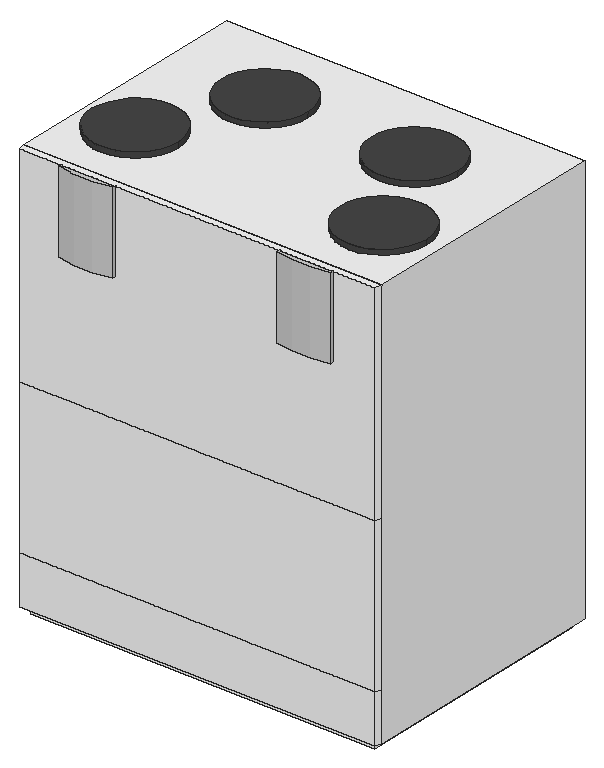
Revit family "CADS_AIRFLOWdev_MVHR_DV2451", category Mechanical Equipment, host Face, Revit 2015
Parameters (values of type "DV245 (L) Adroit")
  WorkExecutionLevel = "N/A"
  WeeklyMaintenance = "N/A"
  WarrantyStartDate [instance] = "N/A"
  WarrantyPeriodForMotors = "1"
  WarrantyPeriod = "5"
  WarrantyIdentifier = "N/A"
  WarrantyGuarantorParts = "info@airflow.com"
  WarrantyGuarantorLabor = "info@airflow.com"
  WarrantyGuarantor = "Airflow Developments Ltd"
  WarrantyEndDate [instance] = "N/A"
  WarrantyContent = "Motors are covers for 1 year from date of purchase against faulty material or workmanship. Warranty covers repair, and at Airflow's discretion, replace faulty parts and workmanship"
  VAVLinks = no
  Uniclass2015 = "Pr_65_67_29_96"
  TypeOfSummerBypass = "Automatic, 100%"
  TypeOfFrostProtection = "Stops supply fan"
  Type = "DV245 (L) Adroit"
  TagNumber [instance] = "N/A"
  TR = if(Model R, 0 mm, H - G)  # 434 mm
  TL = if(Model R, 0 mm, H - G)  # 434 mm
  Supply_Flow [instance] = 0.0 L/s
  SupplyPhase = 1
  Status = "New"
  Size = "1038 x 773 x 1226-1241"
  ShippingWeight = 200.00 kg
  Shape = "Rectangular"
  ServiceLifeType = "Expected Service Life"
  ServiceLifeDuration = "12"
  SerialNumber [instance] = "N/A"
  SAPApproval [instance] = no
  RoomExtractAirTerminalDevices = "Mechanical ventilation with heat recovery unit for residential properties"
  Return_Flow [instance] = 0.0 L/s
  ReplacementCost = "5042.856"
  RedDotDesignAward = no
  RatedVoltage = 230 V
  RatedCurrent = 14.5 A
  QuietMarkApproval = no
  QuarterlyMaintenance = "Check cleanliness of air filters, ductwork, grilles and clean if necessary. Replacing the air filters may be required"
  Quantity = 1
  ProductionYear = "2017"
  ProductLiterature = "https://www.airflow.com/Pdf/Brochures/Adroit-DV245.pdf"
  PressureCurve = "https://www.airflow.com/Pdf/Brochures/Adroit-DV245.pdf"
  PowerSource = "System-powered"
  PointOfContact = "Airflow Developments Ltd"
  Plot Main Unit Driver = ""
  PassiveHouseApproval [instance] = yes
  OperationAndMaintenanceManual = "https://www.airflow.com/Pdf/OperatingInstructions/Residential_Heat_Recovery/Instruction%20manual%20DV245%20Adroit.pdf"
  NumberOfPoles = 1
  NominalWidth = 773 mm
  NominalLength = 1038 mm
  NominalHeight = 1241 mm
  NominalFrequencyRange = "50/60"
  NBSCode = "90-45-30/420 Whole dwelling fan units"
  MotorEnclosureType = "Unknown"
  MotorDriveType = "Direct Drive"
  MonthlyMaintenance = "N/A"
  ModelReference = "90000583"
  ModelLabel = "DV245 Adroit (Left Hand Model)"
  Model R = no
  Model L = yes
  MaximumPowerOutput = 314 W
  Material = "Galvanised Steel"
  ManufacturerWebsite = "www.airflow.com"
  ManufacturerTelephone = "01494 525252"
  ManufacturerE-Mail = "info@airflow.com"
  ManufacturerAddress = "Aidelle House\nLancaster Road\nCressex Business Park\nHigh Wycombe\nBucks\nHP12 3QP"
  Manufacturer = "Airflow Developments Ltd"
  LockedRotorCurrent = "N/A"
  J = 878 mm
  IsGuarded = no
  IsExtendedWarranty = no
  InternetControllable = yes
  InsulationStandardClass = "Class II"
  InstallationDate [instance] = "N/A"
  InstallLocation = "Floor"
  ISO90001 = yes
  ISO140001 = yes
  IP_Code = "IP34"
  I = 158 mm
  HeatTransferType = "Sensible"
  HeatRecoveryEfficiency = "up to 90%"
  HeatExchangerType = "Cross-Counter-Flow"
  HasProtectiveEarth = yes
  HasPartWinding = no
  HasDefrost = yes
  H = 735 mm
  GrossWeight = 200.00 kg
  Grade = "Virgin"
  GlobalTradeItemNumber = "5019009320052"
  G = 301 mm
  FrameSize = "N/A"
  FireControlPanelLinks = no
  Finish = "Lacquer"
  Features = "High quality, Passive House aproved mvhr unit with triple filter design and internet control,. Air volume up to 929m3/h at 100Pa and heat recovery efficiency up to 90%."
  Fan = "Domestic Mechanical Ventilation with Heat Recovery"
  F = 237 mm
  ExternalExhaustAirTerminals = "90% free air grille"
  ExpectedServiceLife = 12
  Exclusions = "Unit wasn’t installed and used in accordance with the fitting and wiring instructions supplied with each unit. It hasn't been connected to a suitable electrical supply. The unit has be subjected to misuse, neglect or damage. It has been modified or repaired by a person not authorised by Airflow Developments Ltd. It hasn't been installed with in accordance with Building Regulations or IEEE wiring regulations"
  ErPProductFiche = "https://www.airflow.com/AIR1/AIR1-SHOP2/images/products/ErP/fiche/90000583-ErP-Product-Fiche.jpg"
  ErPEnergyRating = "A"
  Electric_Post_Heater = yes
  ElectricMotorEfficiency = "N/A"
  EfficiencyCurve = "N/A"
  E = 528 mm
  DurationUnit = "Years"
  Ductwork = "Semi-Rigid Ducting"
  Dia = 250 mm
  DesignOfDomesticVentilation = "This unit should provide the minimum flow rates outlined and be installed in line with Approved Document Part F of the Building Regulations."
  Description = "Top Entry mvhr unit for floor installation"
  Default Elevation = 1219.2 mm
  DailyMaintenance = "N/A"
  DV245_Connector = CADS_AirFlow_Black
  DV245_Chrome = CADS_Airflow_Chrome
  DV245_Body = CADS_AirFlow_White
  D = 754 mm
  CoverageArea = 400.00 m²
  Controls = "Internet control, built-in humidity sensor, optional CO2 sensor, optional Adroit digital or speed controller"
  Constituents = "N/A"
  ConductorFunction = "N/A"
  Color = "White"
  CodePerformance = "N/A"
  CapacityControlType = "Variable Speed Drive"
  CEApproval = yes
  CADS_Index = 0
  C = 773 mm
  BatteryType = "N/A"
  BatterySupply = no
  BR = if(Model R, 0 mm, J - I)  # 720 mm
  BMSLinks = yes
  BL = if(Model R, 0 mm, J - I)  # 720 mm
  B = 1226 mm
  AssetType = "FIXED"
  AssetIdentifier [instance] = "N/A"
  AssemblyPlace = "N/A"
  ArticleNumber = "N/A"
  AnnualMaintenance = "N/A"
  AirToBrineLinks = yes
  AirFiltersAvailable = "G4 and F7"
  AccessibilityPerformance = "N/A"
  AccessClearanceTop = 0 mm
  AccessClearanceRight = 0 mm
  AccessClearanceLeft = 0 mm
  AccessClearanceFront = 0 mm
  AccessClearanceBottom = 0 mm
  A = 1038 mm
  6MonthlyMaintenance = "N/A"
Types (5, lengths in mm): name | TypeOfFrostProtection | Type | TR | TL | ReplacementCost | Quantity | ModelReference | ModelLabel | Model R | Model L | GlobalTradeItemNumber | ErPProductFiche | Electric_Post_Heater | BR | BL
  (no name) | "Stops supply fan" | "DV245 (L) Adroit" | 434 | 434 | "5042.856" | 1 | "90000583" | "DV245 Adroit (Left Hand Model)" | no | yes | "5019009320052" | "https://www.airflow.com/AIR1/AIR1-SHOP2/images/products/ErP/fiche/90000583-ErP-Product-Fiche.jpg" | yes | 720 | 720
  DV245 (R) Adroit | "Stops supply fan" | "DV245 (R) Adroit" | 0 | 0 | "5042.856" | 0 | "90000582" | "DV245 Adroit (Right Hand Model)" | yes | no | "5019009320045" | "https://www.airflow.com/AIR1/AIR1-SHOP2/images/products/ErP/fiche/90000582-ErP-Product-Fiche.jpg" | no | 0 | 0
  DV245 (R) Adroit EPH | "Smart Frost" | "DV245 (R) Adroit EPH" | 0 | 0 | "5304.756" | 0 | "90000582EPH" | "DV245 Adroit (Right Hand Model with Electric Post Heater)" | yes | no | "5019009320045" | "https://www.airflow.com/AIR1/AIR1-SHOP2/images/products/ErP/fiche/90000582-ErP-Product-Fiche.jpg" | yes | 0 | 0
  DV245 (L) Adroit EPH | "Smart Frost" | "DV245 (L) Adroit EPH" | 434 | 434 | "5304.756" | 0 | "90000583EPH" | "DV245 Adroit (Left Hand Model with Electric Post Heater)" | no | yes | "5019009320052" | "https://www.airflow.com/AIR1/AIR1-SHOP2/images/products/ErP/fiche/90000583-ErP-Product-Fiche.jpg" | yes | 720 | 720
  DV245 (L) Adroit | "Stops supply fan" | "DV245 (L) Adroit" | 434 | 434 | "5042.856" | 1 | "90000583" | "DV245 Adroit (Left Hand Model)" | no | yes | "5019009320052" | "https://www.airflow.com/AIR1/AIR1-SHOP2/images/products/ErP/fiche/90000583-ErP-Product-Fiche.jpg" | yes | 720 | 720
Reference planes
  plane 1 "Center (Front/Back)": y = 0
  plane 2: z = 0
  plane 3 "Center (Left/Right)": x = 0
  plane 4: x = -519
  plane 5: x = 519
  plane 6: y = 377
  plane 7: y = -377
  plane 8: y = -396
  plane 9: y = 140
  plane 10: y = -151
  plane 11: x = -361
  plane 12: x = -218
  plane 13: x = 216
  plane 14: x = 359
  plane 15: z = 1226
  plane 16: z = 1211
  plane 17: z = 605.5
  plane 18: z = 160
  plane 19: y = -357
  plane 20: z = 20
  plane 21: x = 216
  plane 22: x = -218
  plane 23: x = 359
  plane 24: x = -361
Forms (mm)
  Extrusion 1, solid, material "CADS_AirFlow_White" <- "DV245_Body"
    sketch origin (0, 0, 0) x (1, 0, 0) y (0, 1, 0)
      loop
        line (-519, 377) -> (-519, -357) -> (519, -357) -> (519, 377) -> (-519, 377)
    from 20 to 1211
  Extrusion 2, solid, material "CADS_AirFlow_White" <- "DV245_Body"
    sketch origin (0, 0, 0) x (1, 0, 0) y (0, 1, 0)
      loop
        line (-519, -357) -> (-513.641, -377) -> (513.641, -377) -> (519, -357) -> (-519, -357)
    from 605.5 to 1211
  Extrusion 3, solid, material "CADS_AirFlow_White" <- "DV245_Body"
    sketch origin (0, 0, -445.5) x (1, 0, 0) y (0, 1, 0)
      loop
        line (-519, -357) -> (-513.641, -377) -> (513.641, -377) -> (519, -357) -> (-519, -357)
    from 605.5 to 1050.421
  Extrusion 4, solid, material "CADS_AirFlow_White" <- "DV245_Body"
    sketch origin (0, 0, 0) x (1, 0, 0) y (0, 1, 0)
      loop
        line (-499, 357) -> (-499, -357) -> (499, -357) -> (499, 357) -> (-499, 357)
    from 0 to 20
  Extrusion 5, solid, material "CADS_AirFlow_White" <- "DV245_Body"
    sketch origin (0, 0, -585.5) x (1, 0, 0) y (0, 1, 0)
      loop
        line (-519, -357) -> (-513.641, -377) -> (513.641, -377) -> (519, -357) -> (-519, -357)
    from 605.5 to 745.5
  Extrusion 6, solid, material "CADS_AirFlow_Black" <- "DV245_Connector"
    sketch origin (147.238, 81.932, 0) x (1, 0, 0) y (0, 1, 0)
      loop
        circle (68.762, 58.068) r 125
    from 1211 to 1226
  Extrusion 7, solid, material "CADS_Airflow_Chrome" <- "DV245_Chrome"
    sketch origin (0, 0, 0) x (1, 0, 0) y (0, 1, 0)
      loop
        line (-393.29, -376.083) -> (-393.29, -386.083)
        arc (-393.29, -386.083) -> (-315.79, -395.092) -> (-238.29, -386.083) r 337.843
        line (-238.29, -386.083) -> (-238.29, -376.083) -> (-393.29, -376.083)
      loop
        line (393.29, -376.083) -> (238.29, -376.083) -> (238.29, -386.083)
        arc (238.29, -386.083) -> (315.79, -395.092) -> (393.29, -386.083) r 337.843
        line (393.29, -386.083) -> (393.29, -376.083)
    from 974.977 to 1211
  Extrusion 8, solid, material "CADS_AirFlow_Black" <- "DV245_Connector"
    sketch origin (0, 0, 0) x (1, 0, 0) y (0, 1, 0)
      loop
        circle (-218, 140) r 125
    from 1211 to 1226
  Extrusion 9, solid, material "CADS_AirFlow_Black" <- "DV245_Connector"
    sketch origin (0, 0, 0) x (1, 0, 0) y (0, 1, 0)
      loop
        circle (359, -151) r 125
    from 1211 to 1226
  Extrusion 10, solid, material "CADS_AirFlow_Black" <- "DV245_Connector"
    sketch origin (0, 0, 0) x (1, 0, 0) y (0, 1, 0)
      loop
        circle (-361, -151) r 125
    from 1211 to 1226
Dimensions and locks
  equal spacing: plane 6, plane 1 "Center (Front/Back)", plane 7
  equal spacing: plane 4, plane 3 "Center (Left/Right)", plane 5
  "A": plane 4 to plane 5
  "D": plane 6 to plane 7
  "C": plane 6 to plane 8
  "F": plane 6 to plane 9
  "E": plane 6 to plane 10
  "I": plane 4 to plane 11
  "G": plane 4 to plane 12
  "H": plane 4 to plane 13
  "J": plane 4 to plane 14
  "B": plane 15 to level
  locked: plane 15 to plane 16 at 15
  equal spacing: plane 16, plane 17, level
  locked: plane 18 to level at 160
  locked: plane 19 to plane 7 at 20
  plane 20 to level = 20 mm
  "TL": plane 12 to plane 21
  "TR": plane 22 to plane 13
  "BL": plane 11 to plane 23
  "BR": plane 24 to plane 14
  "Dia": diameter of Extrusion 6 sketch curve
  "Dia": diameter of Extrusion 8 sketch curve
  "Dia": diameter of Extrusion 9 sketch curve
  "Dia": diameter of Extrusion 10 sketch curve
  aligned and locked: plane 2 to host face
  aligned and locked: level to host face
  aligned and locked: Extrusion 1 sketch curve to plane 6
  aligned and locked: Extrusion 1 sketch curve to plane 5
  aligned and locked: plane 16 to Extrusion 1
  aligned and locked: plane 16 to Extrusion 2
  aligned and locked: Extrusion 2 to plane 17
  aligned and locked: Extrusion 3 to plane 18
  aligned and locked: plane 20 to Extrusion 4
  aligned and locked: Extrusion 1 to Extrusion 4
  aligned and locked: plane 18 to Extrusion 5
  aligned and locked: plane 21 to Extrusion 6 sketch curve
  aligned and locked: plane 9 to Extrusion 6 sketch curve
  aligned and locked: plane 9 to Extrusion 8 sketch curve
  aligned and locked: plane 22 to Extrusion 8 sketch curve
  aligned and locked: plane 23 to Extrusion 9 sketch curve
  aligned and locked: plane 10 to Extrusion 9 sketch curve
  aligned and locked: plane 24 to Extrusion 10 sketch curve
  aligned and locked: plane 10 to Extrusion 10 sketch curve
Automatic sketch dimensions
  host sketch curve to host sketch curve = 2438.4 mm  (x2)
  Extrusion 1 sketch curve to plane 4 = 0 mm
  Extrusion 1 sketch curve to plane 19 = 0 mm
  Extrusion 2 sketch curve to plane 4 = 0 mm
  Extrusion 2 sketch curve to plane 7 = 0 mm
  Extrusion 2 sketch curve to plane 5 = 0 mm
  Extrusion 2 sketch curve to plane 19 = 0 mm
  plane 4 to Extrusion 2 sketch curve = 5.359 mm
  Extrusion 2 sketch curve to plane 5 = 5.359 mm
  Extrusion 3 sketch curve to plane 4 = 0 mm
  Extrusion 3 sketch curve to plane 7 = 0 mm
  Extrusion 3 sketch curve to plane 5 = 0 mm
  Extrusion 3 sketch curve to plane 19 = 0 mm
  plane 4 to Extrusion 3 sketch curve = 5.359 mm
  Extrusion 3 sketch curve to plane 5 = 5.359 mm
  Extrusion 4 sketch curve to plane 19 = 0 mm
  plane 4 to Extrusion 4 sketch curve = 20 mm
  Extrusion 4 sketch curve to plane 5 = 20 mm
  Extrusion 4 sketch curve to plane 6 = 20 mm
  Extrusion 5 sketch curve to plane 4 = 0 mm
  Extrusion 5 sketch curve to plane 7 = 0 mm
  Extrusion 5 sketch curve to plane 5 = 0 mm
  Extrusion 5 sketch curve to plane 19 = 0 mm
  plane 4 to Extrusion 5 sketch curve = 5.359 mm
  Extrusion 5 sketch curve to plane 5 = 5.359 mm
  plane 7 to Extrusion 7 sketch curve = 0.917 mm  (x2)
  plane 11 to Extrusion 7 sketch curve = 32.29 mm
  Extrusion 7 sketch curve to plane 11 = 45.21 mm
  plane 12 to Extrusion 7 sketch curve = 20.29 mm
  Extrusion 7 sketch curve to plane 13 = 22.29 mm
  plane 14 to Extrusion 7 sketch curve = 43.21 mm
  Extrusion 7 sketch curve to plane 7 = 9.083 mm  (x2)
  Extrusion 7 sketch curve to plane 14 = 34.29 mm
  plane 1 "Center (Front/Back)" to Extrusion 7 sketch curve = 57.249 mm  (x2)
Connectors
  hvac at (216, 140, 1211), driven by "Dia", driven by "Return_Flow"
    settings: on Extrusion 6, index 1, duct flow 0.0 L/s, flow factor 0, pres drop 0.0 Pa, loss coef 0, conn angle 0.00°, conn width 304.8 mm, conn height 304.8 mm, conn diameter 250 mm, duct sys type 2, conn prof type 0, flow config 0, flow direction 1, loss method 0, conn ref index 4, conn util no, is conn primary yes, conn desc ""
  hvac at (359, -151, 1211), driven by "Dia", driven by "Supply_Flow"
    settings: on Extrusion 9, index 2, duct flow 0.0 L/s, flow factor 0, pres drop 0.0 Pa, loss coef 0, conn angle 0.00°, conn width 304.8 mm, conn height 304.8 mm, conn diameter 250 mm, duct sys type 1, conn prof type 0, flow config 0, flow direction 2, loss method 0, conn ref index 3, conn util no, is conn primary no, conn desc ""
  hvac at (-218, 140, 1211), driven by "Dia", driven by "Supply_Flow"
    settings: on Extrusion 8, index 3, duct flow 0.0 L/s, flow factor 0, pres drop 0.0 Pa, loss coef 0, conn angle 0.00°, conn width 304.8 mm, conn height 304.8 mm, conn diameter 250 mm, duct sys type 4, conn prof type 0, flow config 1, flow direction 1, loss method 0, conn ref index 2, conn util no, is conn primary no, conn desc ""
  hvac at (-361, -151, 1211), driven by "Dia", driven by "Return_Flow"
    settings: on Extrusion 10, index 4, duct flow 0.0 L/s, flow factor 0, pres drop 0.0 Pa, loss coef 0, conn angle 0.00°, conn width 304.8 mm, conn height 304.8 mm, conn diameter 250 mm, duct sys type 3, conn prof type 0, flow config 1, flow direction 2, loss method 0, conn ref index 1, conn util no, is conn primary no, conn desc ""
